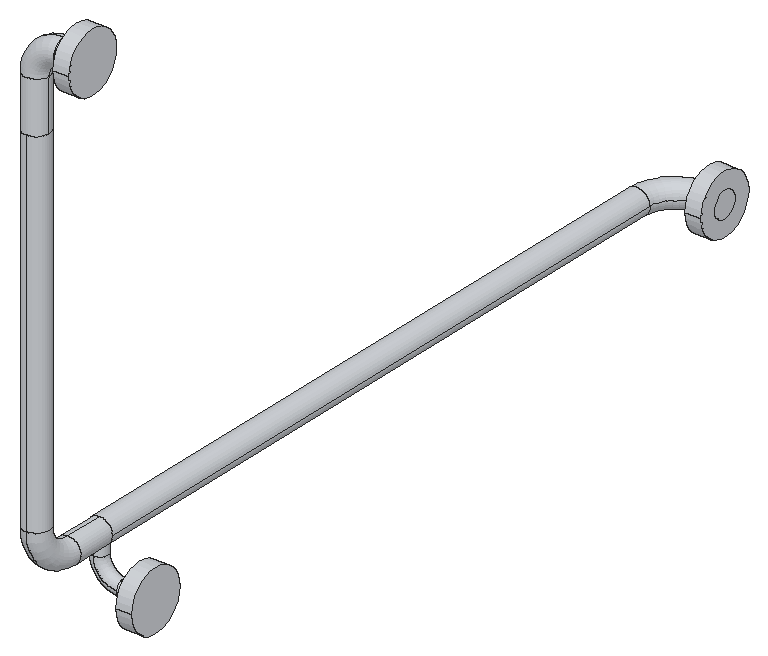
Revit family "AT11+12_Toilet RaiL_Set", category Generic Models, Revit 2013
Parameters (values of type "AT9+10_Toilet Rail")
  URL = "http://www.surecare.com.au"
  Rail Radius = 16.0 mm
  Model = "AT9 / AT10"
  Manufacturer = "SURE CARE"
  Description = "Toilet Grab Rail Side Only with Upturn"
Reference planes
  plane 1 "Center (Front/Back)": y = 0
  plane 2: z = 0
  plane 3 "Center (Left/Right)": x = 0
  plane 4 "Side Rail Center": x = -71
  plane 5 "Rail Center Height": z = 784
  plane 6 "Side Rail End": y = -1050
  plane 7: z = 1384
  plane 8 "Side Rail Bracket A": y = -950
  plane 9 "Bracket Height": z = 730
  plane 10: z = 800
  plane 11 "Side Rail Start": y = -50
  plane 12: x = -55
Forms (mm)
  Sweep 1, solid
    path origin (0, 0, 784) x (-1, 0, 0) y (0, -1, 0)
      loop
        line (0, 50) -> (21, 50)
        arc (21, 50) -> (56.355, 64.645) -> (71, 100) r 50
        line (71, 100) -> (71, 950)
    profile origin (-71, -525, 784) x (1, 0, 0) y (0, 0, 1)
      loop
        circle (0, 0) r 16
  Extrusion 2, solid
    sketch origin (0, -50, 25) x (0, 1, 0) y (0, 0, 1)
      loop
        circle (-900, 705) r 37.5
    from 0 to -20
  Sweep 3, solid
    path origin (0, -950, 0) x (-1, 0, 0) y (0, 0, 1)
      loop
        line (71, 784) -> (71, 760)
        arc (71, 760) -> (62.213, 738.787) -> (41, 730) r 30
        line (41, 730) -> (20, 730)
    profile origin (-71, -950, 772) x (0, 1, 0) y (-1, 0, 0)
      loop
        circle (0, 0) r 10
  Extrusion 4, solid
    sketch origin (0, -839.342, 312.297) x (0, 1, 0) y (0, 0, 1)
      loop
        circle (-210.658, 1071.703) r 37.5
    from 0 to -20
  Extrusion 5, solid
    sketch origin (0, 0, 0) x (0, 1, 0) y (0, 0, 1)
      loop
        circle (-50, 784) r 37.5
    from 0 to -20
  Sweep 6, solid
    path origin (-71, 0, 0) x (0, 1, 0) y (0, 0, 1)
      loop
        line (-950, 784) -> (-1000, 784)
        arc (-1000, 784) -> (-1035.355, 798.645) -> (-1050, 834) r 50
        line (-1050, 834) -> (-1050, 1284)
    profile origin (-71, -975, 784) x (0, 0, -1) y (1, 0, 0)
      loop
        circle (0, 0) r 16
  Sweep 7, solid
    path origin (0, -1050, 0) x (0, 0, 1) y (-1, 0, 0)
      loop
        line (1384, 20) -> (1384, 36)
        arc (1384, 36) -> (1373.749, 60.749) -> (1349, 71) r 35
        line (1349, 71) -> (1284, 71)
    profile origin (-28, -1050, 1384) x (0, 0, -1) y (0, -1, 0)
      loop
        circle (0, 0) r 16
Cuts and joins
  joined: Sweep 1, Sweep 6, Sweep 7
Dimensions and locks
  plane 5 "Rail Center Height" to level = 784.0 mm
  plane 8 "Side Rail Bracket A" to plane 1 "Center (Front/Back)" = 950.0 mm
  plane 9 "Bracket Height" to level = 730.0 mm
  "Rail Radius": plane 10 to plane 5 "Rail Center Height"
  plane 11 "Side Rail Start" to plane 6 "Side Rail End" = 1000.0 mm
  "Rail Radius": plane 4 "Side Rail Center" to plane 12
  "Rail Radius": radius of Sweep 1 sketch curve
  radius of Sweep 1 sketch curve = 50.0 mm
  "Rail Radius": radius of Sweep 6 sketch curve
  "Rail Radius": radius of Sweep 7 sketch curve
  aligned and locked: level to plane 2
  aligned and locked: Sweep 1 sketch curve to plane 4 "Side Rail Center"
  aligned and locked: plane 8 "Side Rail Bracket A" to Extrusion 2 sketch curve
  aligned and locked: plane 9 "Bracket Height" to Extrusion 2 sketch curve
  aligned and locked: Sweep 3 sketch curve to plane 9 "Bracket Height"
  aligned and locked: Sweep 3 sketch curve to plane 4 "Side Rail Center"
  aligned and locked: plane 5 "Rail Center Height" to Sweep 3 sketch curve
  aligned and locked: plane 7 to Extrusion 4 sketch curve
  aligned and locked: plane 6 "Side Rail End" to Extrusion 4 sketch curve
  aligned and locked: Sweep 1 sketch curve to plane 11 "Side Rail Start"
  aligned and locked: plane 3 "Center (Left/Right)" to Sweep 1 sketch curve
  aligned and locked: plane 11 "Side Rail Start" to Extrusion 5 sketch curve
  aligned and locked: plane 5 "Rail Center Height" to Extrusion 5 sketch curve
  aligned and locked: plane 8 "Side Rail Bracket A" to Sweep 6 sketch curve
  aligned and locked: plane 8 "Side Rail Bracket A" to Sweep 1 sketch curve
Automatic sketch dimensions
  Sweep 1 sketch curve to plane 5 "Rail Center Height" = 0.0 mm
  profile plane to Sweep 1 sketch curve = 0.0 mm
  plane 4 "Side Rail Center" to Sweep 3 sketch curve = 30.0 mm
  Sweep 3 sketch curve to plane 3 "Center (Left/Right)" = 20.0 mm
  Sweep 3 sketch curve to plane 8 "Side Rail Bracket A" = 0.0 mm
  Sweep 3 sketch curve to profile plane = 0.0 mm
  Sweep 6 sketch curve to plane 4 "Side Rail Center" = 0.0 mm
  Sweep 6 sketch curve to profile plane = 0.0 mm
  Sweep 7 sketch curve to plane 4 "Side Rail Center" = 0.0 mm
  Sweep 7 sketch curve to plane 7 = 0.0 mm
  Sweep 7 sketch curve to plane 7 = 35.0 mm
  Sweep 7 sketch curve to Sweep 7 sketch curve = 65.0 mm
  Sweep 7 sketch curve to plane 3 "Center (Left/Right)" = 20.0 mm
  Sweep 7 sketch curve to plane 6 "Side Rail End" = 0.0 mm
  Sweep 7 sketch curve to profile plane = 0.0 mm
  Sweep 6 sketch curve to plane 6 "Side Rail End" = 0.0 mm
  Sweep 6 sketch curve to plane 5 "Rail Center Height" = 0.0 mm
  plane 10 to Sweep 6 sketch curve = 34.0 mm
  Sweep 6 sketch curve to plane 7 = 100.0 mm
  radius of Extrusion 2 sketch curve = 37.5 mm
  radius of Sweep 3 sketch curve = 10.0 mm
  radius of Extrusion 4 sketch curve = 37.5 mm
  radius of Extrusion 5 sketch curve = 37.5 mm
